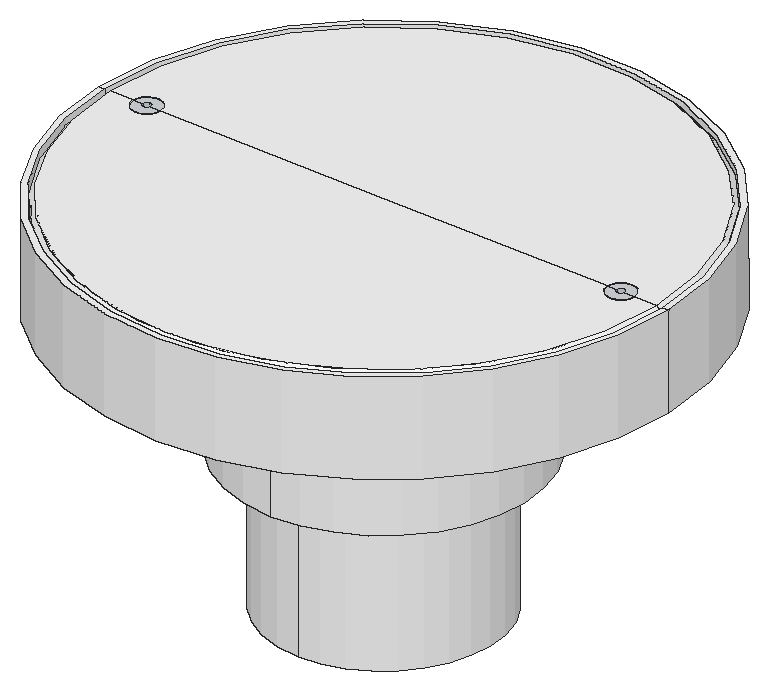
Revit family "P7080", category Plumbing Fixtures, host Face, Revit 2018
Family settings
  Host = Face
  Round Connector Dimension = Use Radius
  Part Type = Normal
  Cut with Voids When Loaded = No
  Shared = No
  Room Calculation Point = No
Parameters (values of type "P7083_Ø3"")
  WFU = 0
  URL = "WWW.MIFAB.COM"
  Pipe Radius = Pipe Diameter / 2  # 0' - 1 1/2"
  Pipe Diameter = 0' - 3"
  Model = "P7083"
  Manufacturer = "MIFAB"
  MH-600 = no
  MH-501 = no
  MH-401 = no
  MH-301 = yes
  Floor Drain Material = Paint - Sherwin Williams Paint - #952C2A - Bellwood Red
  Description = "8\" ROUND, TYPE 316 STAINLESS STEEL FABRICATED FLOOR CLEANOUT"
  Default Elevation = 0' - 0"
  CWFU = 0
  Assembly Code = ""
Types (3): name | Pipe Radius | Pipe Diameter | Model | MH-401 | MH-301
  P7083_Ø3" | 0' - 1 1/2" | 0' - 3" | "P7083" | no | yes
  P7084_Ø4" | 0' - 2" | 0' - 4" | "P7084" | yes | no
  P7086_Ø6" | 0' - 3" | 0' - 6" | "P7086" | yes | no
Reference planes (in)
  plane 1 "Center (Front/Back)": y = 0
  plane 2: z = 0
  plane 3 "Center (Left/Right)": x = 0
  plane 4: z = -2.375
  plane 5: y = -1.5
  plane 6: y = 1.5
  plane 7: y = -3.10687
  plane 8: y = -1.38189
  plane 9: z = -5.5
  plane 10: z = -3.37402
  plane 11: x = -4.3125
  plane 12: x = 4.3125
  plane 13: y = -4.3125
  plane 14: y = 4.3125
  plane 15: z = -0.5625
  plane 16: z = -1.39323
  plane 17: y = -1.38189
  plane 18: y = -2.13567
  plane 19: y = -0.70312
  plane 20: y = 1.5
  plane 21: y = -1.5
  plane 22: x = -1.5
  plane 23: x = 1.5
Forms (in)
  Revolve 1, solid, material "Paint - Sherwin Williams Paint - #952C2A - Bellwood Red" <- "Floor Drain Material"
    sketch origin (0, 0.04396, -2.375) x (0, 1, 0) y (0, 0, 1)
      loop
        line (-1.54396, -0.99902) -> (-1.66207, -0.99902) -> (-1.66207, -3.125) -> (-1.54396, -3.125) -> (-1.54396, -0.99902)
      axis (-0.04396, -3.125) -> (-0.04396, -0.99902)
    angle from 0 to 360
  Revolve 2, solid, material "Paint - Sherwin Williams Paint - #952C2A - Bellwood Red" <- "Floor Drain Material"
    sketch origin (0, 0, 0) x (1, 0, 0) y (0, 0, 1)
      loop
        line (3.10172, -0.65625) -> (4.22801, -0.65625) -> (4.22801, -0.5625) -> (3.10172, -0.5625) -> (3.10172, -0.65625)
      axis (0, -0.65625) -> (0, -0.5625)
    angle from 0 to 360
  Revolve 3, solid, material "Paint - Sherwin Williams Paint - #952C2A - Bellwood Red" <- "Floor Drain Material"
    sketch origin (0, 0, 0) x (1, 0, 0) y (0, 0, 1)
      loop
        line (1.5, -1.39323) -> (4.3125, -1.39323) -> (4.3125, 0) -> (4.22801, 0) -> (4.22801, -1.30729) -> (1.5, -1.30729) -> (1.5, -1.39323)
      axis (0, -1.39323) -> (0, 0)
    angle from 0 to 360
  Revolve 4, solid, material "Paint - Sherwin Williams Paint - #952C2A - Bellwood Red" <- "Floor Drain Material"
    sketch origin (0, 0, 0) x (0, 1, 0) y (0, 0, 1)
      loop
        line (-1.5, -1.39323) -> (-2.13567, -1.39323) -> (-2.13567, -3.37402) -> (-1.5, -3.37402) -> (-1.5, -1.39323)
      axis (0, -3.37402) -> (0, -1.39323)
    angle from 0 to 360
  Revolve 5, solid, material "Paint - Sherwin Williams Paint - #952C2A - Bellwood Red" <- "Floor Drain Material"
    sketch origin (0, 0, 0) x (1, 0, 0) y (0, 0, 1)
      loop
        line (4.14781, -0.5625) -> (4.20196, -0.50835) -> (4.20196, -0.06587) -> (4.13609, 0) -> (0, 0) -> (0, -0.5625) -> (4.14781, -0.5625)
      axis (0, -0.5625) -> (0, 0)
    angle from 0 to 360
  Revolve 6, solid, material "Paint - Sherwin Williams Paint - #952C2A - Bellwood Red" <- "Floor Drain Material"
    sketch origin (0, 0, 0) x (0, 1, 0) y (0, 0, 1)
      loop
        line (-1.5, -1.92151) -> (-1.38281, -1.92151) -> (-1.38281, -1.51041) -> (-0.76446, -1.51041)
        arc (-0.76446, -1.51041) -> (-0.72108, -1.52838) -> (-0.70312, -1.57176) r 0.06135
        line (-0.70312, -1.57176) -> (-0.70312, -1.83547)
        arc (-0.70312, -1.83547) -> (-0.67792, -1.89631) -> (-0.61708, -1.92151) r 0.08604
        line (-0.61708, -1.92151) -> (-0.31416, -1.92151)
        arc (-0.31416, -1.92151) -> (-0.27168, -1.93911) -> (-0.25409, -1.98159) r 0.06007
        line (-0.25409, -1.98159) -> (-0.25409, -2.15325)
        arc (-0.25409, -2.15325) -> (-0.17941, -2.33147) -> (0, -2.40322) r 0.25
        line (0, -2.40322) -> (0, -2.29445)
        arc (0, -2.29445) -> (-0.0854, -2.27073) -> (-0.1369, -2.19859) r 0.13291
        line (-0.1369, -2.19859) -> (-0.1369, -1.89908)
        arc (-0.1369, -1.89908) -> (-0.16465, -1.83208) -> (-0.23165, -1.80433) r 0.09475
        line (-0.23165, -1.80433) -> (-0.54806, -1.80433)
        arc (-0.54806, -1.80433) -> (-0.57484, -1.79324) -> (-0.58593, -1.76646) r 0.03786
        line (-0.58593, -1.76646) -> (-0.58593, -1.56218)
        arc (-0.58593, -1.56218) -> (-0.63542, -1.44271) -> (-0.75489, -1.39323) r 0.16896
        line (-0.75489, -1.39323) -> (-1.5, -1.39323) -> (-1.5, -1.92151)
      axis (0, -1.39323) -> (0, -2.40322)
    angle from 0 to 360
  Revolve 7, solid
    sketch origin (0, 0, 0) x (1, 0, 0) y (0, 0, 1)
      loop
        line (3.58931, -0.75666) -> (3.66565, -0.75666) -> (3.68492, -0.10983) -> (3.79474, 0) -> (3.64904, 0) -> (3.64904, -0.06587) -> (3.58931, -0.06587) -> (3.58931, -0.75666)
      axis (3.58931, 0) -> (3.58931, -0.75666)
    angle from 0 to 360
  Revolve 8, solid
    sketch origin (0, 0, 0) x (-1, 0, 0) y (0, 0, 1)
      loop
        line (3.58931, -0.75666) -> (3.66565, -0.75666) -> (3.68492, -0.10983) -> (3.79474, 0) -> (3.64904, 0) -> (3.64904, -0.06587) -> (3.58931, -0.06587) -> (3.58931, -0.75666)
      axis (3.58931, 0) -> (3.58931, -0.75666)
    angle from 0 to 360
  Extrusion 9, void
    sketch origin (0, 0, 0) x (1, 0, 0) y (0, 1, 0)
      loop
        circle (-3.58931, 0) r 0.20543
      loop
        circle (3.58931, 0) r 0.20543
    from -0.06587 to 0
Cuts and joins
  Extrusion 9 cuts Revolve 5
Lines and regions (in)
  model lines, not visible
    curve 1: line (6.7156, 0, 9.07611) -> (12.5156, 0, 9.07611)
    curve 2: line (12.5156, 0, 9.07611) -> (12.5156, 0, 10.82611)
    curve 3: line (12.5156, 0, 10.82611) -> (6.7156, 0, 10.82611)
    curve 4: line (6.7156, 0, 10.82611) -> (6.7156, 0, 9.07611)
    curve 5: line (7.13163, 0, 10.86539) -> (7.13163, 0, 12.86539)
    curve 6: line (7.13163, 0, 12.86539) -> (15.53163, 0, 12.86539)
    curve 7: line (15.53163, 0, 12.86539) -> (15.53163, 0, 10.86539)
    curve 8: line (11.33163, 0, 12.86539) -> (11.33163, 0, 12.36539)
    curve 9: line (10.38306, 10.17879, 0) -> (10.38306, 12.67879, 0)
    curve 10: line (10.38306, 12.67879, 0) -> (20.88306, 12.67879, 0)
    curve 11: line (20.88306, 12.67879, 0) -> (20.88306, 10.17879, 0)
    curve 12: line (15.63306, 12.67879, 0) -> (15.63306, 10.92879, 0)
    curve 13: line (10.06912, 0, 4.67543) -> (10.06912, 0, 6.92543)
    curve 14: line (10.06912, 0, 6.92543) -> (-0.26488, 0, 6.92543)
    curve 15: line (-0.26488, 0, 6.92543) -> (-0.26488, 0, 4.42543)
    curve 16: line (10.75678, 9.64709, 0) -> (10.75678, 10.89709, 0)
    curve 17: line (10.75678, 10.89709, 0) -> (15.25678, 10.89709, 0)
    curve 18: line (15.25678, 10.89709, 0) -> (15.25678, 9.64709, 0)
    curve 19: line (13.00678, 10.89709, 0) -> (13.00678, 10.14709, 0)
    curve 20: line (6.88273, 9.30587, 0) -> (6.88273, 10.55587, 0)
    curve 21: line (6.88273, 10.55587, 0) -> (20.08273, 10.55587, 0)
    curve 22: line (20.08273, 10.55587, 0) -> (20.08273, 9.30587, 0)
    curve 23: line (13.48273, 10.55587, 0) -> (13.48273, 9.80587, 0)
    curve 24: line (16.96132, 12.87513, 0) -> (16.96132, 15.37513, 0)
    curve 25: line (16.96132, 15.37513, 0) -> (27.46132, 15.37513, 0)
    curve 26: line (27.46132, 15.37513, 0) -> (27.46132, 12.87513, 0)
    curve 27: line (22.21132, 15.37513, 0) -> (22.21132, 14.12513, 0)
    curve 28: line (4.80401, 26.27015, 0) -> (4.80401, 28.52015, 0)
    curve 29: line (4.80401, 28.52015, 0) -> (15.86651, 28.52015, 0)
    curve 30: line (15.86651, 28.52015, 0) -> (15.86651, 26.27015, 0)
    curve 31: line (10.33526, 28.52015, 0) -> (10.33526, 27.02015, 0)
    curve 32: line (4.80401, 26.27015, 0) -> (4.80401, 28.52015, 0)
    curve 33: line (4.80401, 28.52015, 0) -> (9.80401, 28.52015, 0)
    curve 34: line (9.80401, 28.52015, 0) -> (9.80401, 26.27015, 0)
    curve 35: line (7.30401, 28.52015, 0) -> (7.30401, 27.02015, 0)
    curve 36: line (4.30401, 26.27015, 0) -> (4.30401, 28.52015, 0)
    curve 37: line (4.30401, 28.52015, 0) -> (10.30401, 28.52015, 0)
    curve 38: line (10.30401, 28.52015, 0) -> (10.30401, 26.27015, 0)
    curve 39: line (7.30401, 28.52015, 0) -> (7.30401, 27.02015, 0)
    curve 40: line (10.02403, 24.13739, 0) -> (10.02403, 27.63739, 0)
    curve 41: line (10.02403, 27.63739, 0) -> (16.39403, 27.63739, 0)
    curve 42: line (16.39403, 27.63739, 0) -> (16.39403, 24.13739, 0)
    curve 43: line (13.20903, 27.63739, 0) -> (13.20903, 25.88739, 0)
    curve 44: line (8.2728, 12.17441, 0) -> (8.2728, 14.17441, 0)
    curve 45: line (8.2728, 14.17441, 0) -> (14.8978, 14.17441, 0)
    curve 46: line (14.8978, 14.17441, 0) -> (14.8978, 12.17441, 0)
    curve 47: line (11.5853, 14.17441, 0) -> (11.5853, 13.42441, 0)
Dimensions and locks (in)
  equal spacing: plane 6, plane 1 "Center (Front/Back)", plane 5
  "Pipe Diameter": plane 6 to plane 5
  "Pipe Radius": plane 1 "Center (Front/Back)" to plane 5
  locked: plane 2 to plane 9 at 5.5
  locked: plane 10 to plane 9 at 2.12598
  equal spacing: plane 11, plane 3 "Center (Left/Right)", plane 12
  locked: plane 11 to plane 12 at 8.625
  equal spacing: plane 14, plane 1 "Center (Front/Back)", plane 13  (x2)
  locked: plane 14 to plane 13 at 8.625
  locked: plane 2 to plane 15 at 0.5625
  locked: plane 17 to plane 5 at 0.11811
  locked: plane 17 to plane 18 at 0.75378
  locked: plane 15 to Revolve 2 sketch curve at 0.09375
  plane 2 to plane 15 = 0' - 0 9/16"
  locked: plane 1 "Center (Front/Back)" to plane 19 at 0.70312
  locked: plane 5 to Revolve 1 sketch curve at 0.11811
  locked: Revolve 6 sketch curve to Revolve 6 sketch curve at 0.11719
  plane 14 to plane 13 = 0' - 8 5/8"
  equal spacing: plane 21, plane 1 "Center (Front/Back)", plane 20
  "Pipe Diameter": plane 23 to plane 22
  equal spacing: plane 22, plane 3 "Center (Left/Right)", plane 23
  aligned and locked: plane 2 to host face
  aligned and locked: level to host face
  aligned and locked: Revolve 1 sketch curve to plane 5
  aligned and locked: Revolve 1 sketch curve to plane 9
  aligned and locked: plane 10 to Revolve 1 sketch curve
  aligned and locked: plane 16 to Revolve 4 sketch curve
  aligned and locked: Revolve 4 sketch curve to plane 18
  aligned and locked: Revolve 2 sketch curve to plane 15
  aligned and locked: Revolve 2 to Revolve 5 sketch curve
  aligned and locked: host face to Revolve 5 sketch curve
  aligned and locked: Revolve 5 sketch curve to plane 3 "Center (Left/Right)"
  aligned and locked: plane 16 to Revolve 6 sketch curve
  aligned and locked: plane 19 to Revolve 6 sketch curve
  aligned and locked: Extrusion 9 sketch curve to Revolve 8  (x2)
  aligned and locked: Extrusion 9 sketch curve to Revolve 7  (x2)
  aligned and locked: Revolve 4 sketch curve to plane 5
  aligned and locked: plane 5 to Revolve 6 sketch curve
  aligned and locked: Revolve 3 sketch curve to plane 23
Automatic sketch dimensions
  curve 5 to curve 7 = 0' - 8.4"
  curve 5 to curve 8 = 0' - 4.2"
  curve 5 to curve 5 = 0' - 2"
  curve 7 to curve 6 = 0' - 2"
  curve 8 to curve 8 = 0' - 0 1/2"
  curve 32 to curve 34 = 0' - 5"
  curve 35 to curve 34 = 0' - 2 1/2"
  curve 35 to curve 33 = 0' - 1 1/2"
  curve 32 to curve 33 = 0' - 2 1/4"
  curve 34 to curve 35 = 0' - 0 3/4"
  curve 36 to curve 38 = 0' - 6"
  curve 39 to curve 38 = 0' - 3"
  curve 39 to curve 37 = 0' - 1 1/2"
  curve 36 to curve 37 = 0' - 2 1/4"
  curve 38 to curve 39 = 0' - 0 3/4"
  host sketch curve to host sketch curve = 8' - 0"  (x2)
  Revolve 2 sketch curve to plane 3 "Center (Left/Right)" = 0' - 0"
  plane 12 to Revolve 2 sketch curve = 0' - 1.21078"
  plane 12 to Revolve 2 sketch curve = 0' - 0.08449"
  level to Revolve 2 sketch curve = 0' - 0.19271"
  Revolve 2 sketch curve to Revolve 2 sketch curve = 0' - 2.04584"
  Revolve 3 sketch curve to plane 3 "Center (Left/Right)" = 0' - 0"
  Revolve 3 sketch curve to plane 16 = 0' - 0"
  Revolve 3 sketch curve to level = 0' - 0"
  plane 12 to Revolve 3 sketch curve = 0' - 0"
  plane 16 to Revolve 3 sketch curve = 0' - 0 11/128"
  plane 12 to Revolve 3 sketch curve = 0' - 0.08449"
  level to Revolve 3 sketch curve = 0' - 0.19271"
  Revolve 3 sketch curve to Revolve 3 sketch curve = 0' - 2.04584"
  Revolve 4 sketch curve to plane 1 "Center (Front/Back)" = 0' - 0"
  Revolve 4 sketch curve to plane 10 = 0' - 0"
  level to Revolve 4 sketch curve = 0' - 1.85677"
  Revolve 4 sketch curve to Revolve 4 sketch curve = 0' - 0 3/4"
  Revolve 5 sketch curve to plane 3 "Center (Left/Right)" = 0' - 0"
  plane 12 to Revolve 5 sketch curve = 0' - 0.17641"
  plane 12 to Revolve 5 sketch curve = 0' - 0.16469"
  Revolve 5 sketch curve to Revolve 5 sketch curve = 0' - 0.06587"
  plane 15 to Revolve 5 sketch curve = 0' - 0.05415"
  Revolve 5 sketch curve to level = 0' - 0.06587"
  level to Revolve 5 sketch curve = 0' - 0.19271"
  Revolve 5 sketch curve to Revolve 5 sketch curve = 0' - 2.04584"
  Revolve 7 sketch curve to level = 0' - 0"
  Revolve 7 sketch curve to plane 15 = 0' - 0.19416"
  plane 12 to Revolve 7 sketch curve = 0' - 0.72319"
  Revolve 7 sketch curve to Revolve 7 sketch curve = 0' - 0.05973"
  Revolve 7 sketch curve to Revolve 7 sketch curve = 0' - 0.07634"
  Revolve 7 sketch curve to level = 0' - 0.10983"
  Revolve 7 sketch curve to Revolve 7 sketch curve = 0' - 0.03587"
  Revolve 7 sketch curve to Revolve 7 sketch curve = 0' - 0.1457"
  Revolve 7 sketch curve to level = 0' - 0.06587"
  Revolve 7 sketch curve to Revolve 7 sketch curve = 0' - 0.0956"
  Revolve 7 sketch curve to Revolve 7 sketch curve = 0' - 0.07867"
  Revolve 7 sketch curve to Revolve 7 sketch curve = 0' - 0.18657"
  Revolve 8 sketch curve to level = 0' - 0"
  plane 15 to Revolve 8 sketch curve = 0' - 0.19416"
  Revolve 8 sketch curve to plane 11 = 0' - 0.72319"
  Revolve 8 sketch curve to Revolve 8 sketch curve = 0' - 0.05973"
  Revolve 8 sketch curve to Revolve 8 sketch curve = 0' - 0.07634"
  level to Revolve 8 sketch curve = 0' - 0.10983"
  Revolve 8 sketch curve to Revolve 8 sketch curve = 0' - 0.03587"
  Revolve 8 sketch curve to Revolve 8 sketch curve = 0' - 0.1457"
  level to Revolve 8 sketch curve = 0' - 0.06587"
  Revolve 8 sketch curve to Revolve 8 sketch curve = 0' - 0.0956"
  Revolve 8 sketch curve to Revolve 8 sketch curve = 0' - 0.07867"
  Revolve 8 sketch curve to Revolve 8 sketch curve = 0' - 0.18657"
  Revolve 1 sketch curve to plane 1 "Center (Front/Back)" = 0' - 0"
  Revolve 1 sketch curve to plane 9 = 0' - 0 5/8"
  Revolve 1 sketch curve to Revolve 1 sketch curve = 0' - 1 7/8"
  Revolve 6 sketch curve to plane 1 "Center (Front/Back)" = 0' - 0"  (x2)
  Revolve 6 sketch curve to Revolve 6 sketch curve = 0' - 0.06135"
  Revolve 6 sketch curve to Revolve 6 sketch curve = 0' - 0.00958"  (x2)
  plane 19 to Revolve 6 sketch curve = 0' - 0.08604"
  Revolve 6 sketch curve to Revolve 6 sketch curve = 0' - 0.03115"  (x2)
  Revolve 6 sketch curve to Revolve 6 sketch curve = 0' - 0.03786"
  Revolve 6 sketch curve to Revolve 6 sketch curve = 0' - 0.2339"
  Revolve 6 sketch curve to Revolve 6 sketch curve = 0' - 0.06007"
  Revolve 6 sketch curve to Revolve 6 sketch curve = 0' - 0.08251"
  Revolve 6 sketch curve to Revolve 6 sketch curve = 0' - 0.09475"
  plane 1 "Center (Front/Back)" to Revolve 6 sketch curve = 0' - 0.00916"
  plane 1 "Center (Front/Back)" to Revolve 6 sketch curve = 0' - 0.00409"
  Revolve 6 sketch curve to Revolve 6 sketch curve = 0' - 0.20428"
  Revolve 6 sketch curve to Revolve 6 sketch curve = 0' - 0.4111"
  Revolve 6 sketch curve to Revolve 6 sketch curve = 0' - 0.25417"
  Revolve 6 sketch curve to Revolve 6 sketch curve = 0' - 0.0086"
  Revolve 6 sketch curve to Revolve 6 sketch curve = 0' - 0.04534"
  Revolve 6 sketch curve to Revolve 6 sketch curve = 0' - 0"
  Revolve 6 sketch curve to Revolve 6 sketch curve = 0' - 0.14123"
Connectors (in)
  piping at (0, 0, -5.5), diameter 3, driven by "Pipe Radius"
    settings: on Revolve 1, index 1, connector inside diameter 24", connector length 0' - 0", flow factor 0, pipe flow 0 GPM, pressure drop 0.00 psi, fitting loss kfactor 0, connector angle 0.00°, fixture units 0, engagement length 0' - 0", angle of deflection 0.00°, flow configuration 0, flow direction 0, fitting loss method 0, system type 7, joint type 0, gender type 0, connector reference index -1, connector utility 0, adjustable connector no, is connector primary yes, connector description ""
